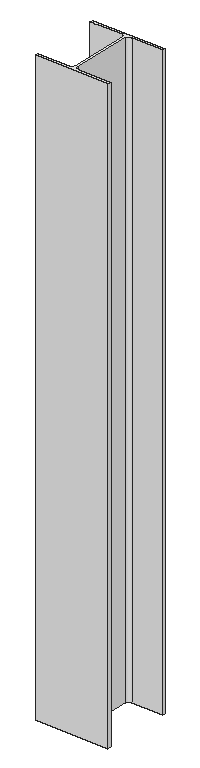
Revit family
Parameters (values of type "305x305x79UBP")
  기둥 재료 [instance] = 금속 - 스틸 - 345 MPa
  Assembly Code = ""
  A = 0.01 m²
  Ix = 16440
  M = 78.9
  공칭 h = "305"
  Zx = 1099
  b = 306.4 mm
  h = 299.3 mm
  r = 15.2 mm
  s = 11 mm
  t = 11.1 mm
Reference planes
  plane 1: y = 0
  plane 2: z = 0
  plane 3: x = 0
  plane 4: x = -153.2
  plane 5: x = 153.2
  plane 6: y = 149.65
  plane 7: y = -149.65
  plane 8: x = -3.969
  plane 9: x = 3.969
Forms (mm)
  Extrusion 1, solid, material "금속 - 스틸 - 345 MPa" <- "기둥 재료", detail levels medium
    sketch origin (0, 0, 0) x (1, 0, 0) y (0, 1, 0)
      loop
        line (-153.2, 149.65) -> (-153.2, 138.55) -> (-5.5, 138.55) -> (-5.5, -138.55) -> (-153.2, -138.55) -> (-153.2, -149.65) -> (153.2, -149.65) -> (153.2, -138.55) -> (5.5, -138.55) -> (5.5, 138.55) -> (153.2, 138.55) -> (153.2, 149.65) -> (-153.2, 149.65)
    from 0 to 2500
  Extrusion 2, solid, material "금속 - 스틸 - 345 MPa" <- "기둥 재료", detail levels fine
    sketch origin (0, 0, 0) x (1, 0, 0) y (0, 1, 0)
      loop
        line (-153.2, 149.65) -> (-153.2, 138.55) -> (-20.7, 138.55)
        arc (-20.7, 138.55) -> (-9.952, 134.098) -> (-5.5, 123.35) r 15.2
        line (-5.5, 123.35) -> (-5.5, -123.35)
        arc (-5.5, -123.35) -> (-9.952, -134.098) -> (-20.7, -138.55) r 15.2
        line (-20.7, -138.55) -> (-153.2, -138.55) -> (-153.2, -149.65) -> (153.2, -149.65) -> (153.2, -138.55) -> (20.7, -138.55)
        arc (20.7, -138.55) -> (9.952, -134.098) -> (5.5, -123.35) r 15.2
        line (5.5, -123.35) -> (5.5, 123.35)
        arc (5.5, 123.35) -> (9.952, 134.098) -> (20.7, 138.55) r 15.2
        line (20.7, 138.55) -> (153.2, 138.55) -> (153.2, 149.65) -> (-153.2, 149.65)
    from 0 to 2500
Lines and regions (mm)
  symbolic lines, style "StructuralColumnStickSymbols", detail levels coarse
    curve 1: line (-153.2, 149.65, 0) -> (153.2, 149.65, 0)
    curve 2: line (-153.2, -149.65, 0) -> (153.2, -149.65, 0)
    curve 3: line (0, 149.65, 0) -> (0, -149.65, 0)
  symbolic lines, style "숨겨진 면", detail levels medium+fine
    curve 4: line (-3.969, 0, 0) -> (-3.969, 0, 2500)
    curve 5: line (3.969, 0, 2500) -> (3.969, 0, 0)
Dimensions and locks
  equal spacing: plane 4, plane 3, plane 5
  equal spacing: plane 7, plane 1, plane 6
  "h": plane 7 to plane 6
  "b": plane 4 to plane 5
  "t": plane 7 to Extrusion 1 sketch curve
  "t": Extrusion 1 sketch curve to plane 6
  equal spacing: Extrusion 1 sketch curve, plane 3, Extrusion 1 sketch curve
  "s": Extrusion 1 sketch curve to Extrusion 1 sketch curve
  "r": radius of Extrusion 2 sketch curve  (x4)
  aligned and locked: plane 6 to Extrusion 1 sketch curve
  aligned and locked: Extrusion 1 sketch curve to plane 7
  aligned and locked: Extrusion 1 sketch curve to plane 4  (x2)
  aligned and locked: plane 5 to Extrusion 1 sketch curve  (x2)
  aligned and locked: Extrusion 1 sketch curve to Extrusion 1 sketch curve  (x2)
  aligned and locked: level to Extrusion 1
  aligned and locked: level to plane 2
  aligned and locked: Extrusion 1 to plane 2
  aligned and locked: plane 6 to Extrusion 2 sketch curve
  aligned and locked: plane 5 to Extrusion 2 sketch curve  (x2)
  aligned and locked: Extrusion 2 sketch curve to plane 4  (x2)
  aligned and locked: Extrusion 2 sketch curve to Extrusion 1  (x6)
  aligned and locked: Extrusion 2 sketch curve to plane 7
  aligned and locked: level to Extrusion 2
  aligned and locked: Extrusion 2 to level
Automatic sketch dimensions
  curve 2 to plane 4 = 0 mm
  curve 1 to plane 4 = 0 mm
  curve 3 to plane 3 = 0 mm
  curve 2 to plane 5 = 0 mm
  curve 1 to plane 5 = 0 mm
  curve 3 to plane 7 = 0 mm
  curve 3 to plane 6 = 0 mm
  curve 4 to level = 0 mm  (x2)
  curve 4 to plane 8 = 0 mm
  curve 5 to level = 0 mm  (x2)
  curve 5 to plane 9 = 0 mm
